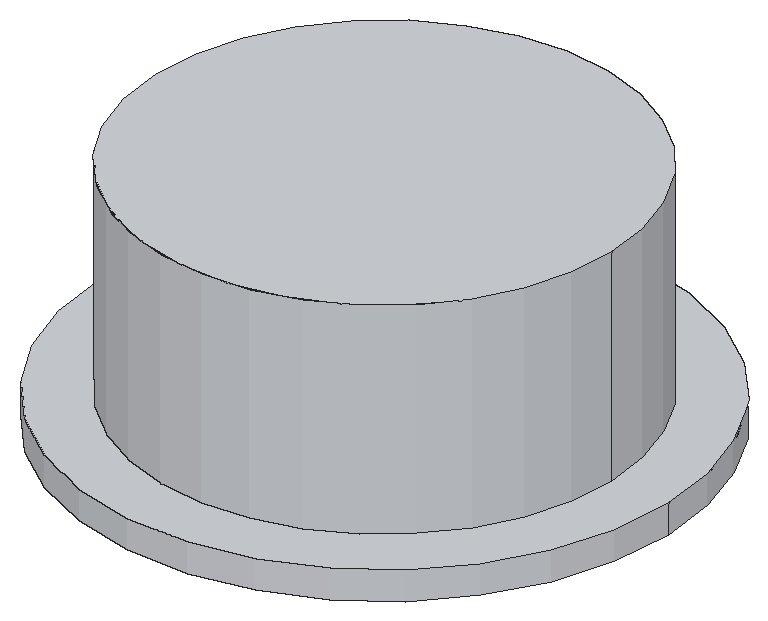
Revit family "auto-照明-LED筒灯", category Lighting Fixtures, Revit 2020
Family settings
  Round Connector Dimension = Use Diameter
  Part Type = Normal
  Work Plane-Based = No
  Always vertical = No
  Cut with Voids When Loaded = No
  Light Source = Yes
  Shared = No
  Room Calculation Point = No
Parameters (values of type "LED筒灯-1")
  Default Elevation = 0 mm
  Type Comments = ""
  Wattage Comments = ""
  Wattage = 9.2903 W
  built-in parameter 1150110 = 1 (stored number, unit not read)
  Lamp = ""
  Keynote = ""
  Model = ""
  Manufacturer = ""
  built-in parameter 1114217 = 1 (stored number, unit not read)
  Tilt Angle = 60.00°
  built-in parameter 1150109 = 1 (stored number, unit not read)
  built-in parameter 1150134 = 3
  built-in parameter 1150113 = 1 (stored number, unit not read)
  Photometric Web File = "generic"
  built-in parameter 1150142 = (empty or 0)
  magiProductId = ""
  magiProductFamilyId = ""
  magiPartTypeId = 504
  dY2D [instance] = 0 mm
  dX2D [instance] = 0 mm
  ang2D [instance] = 0.00°
  W2D = 100 mm
  VersionID = ""
  URL = "www.goujianwu.com"
  Productdata [instance] = ""
  built-in parameter 1150105 = 109.82 (stored number, unit not read)
  Lumens = 1380 lm
  built-in parameter 1150115 = 1 (stored number, unit not read)
  built-in parameter 1150137 = (empty or 0)
  built-in parameter 1150139 = (empty or 0)
  built-in parameter 1150112 = 1 (stored number, unit not read)
  built-in parameter 1150114 = 1 (stored number, unit not read)
  built-in parameter 1150132 = (empty or 0)
  built-in parameter 1150102 = (empty or 0)
  built-in parameter 1150107 = 3200 (stored number, unit not read)
  built-in parameter 1150138 = (empty or 0)
  built-in parameter 1150106 = 1.0982 (stored number, unit not read)
  L2D = 100 mm
  L0 = 80 mm
  L = 100 mm
  Emit from Line Length = 609.6 mm
  built-in parameter 1150104 = 13.8 (stored number, unit not read)
  Dimming Lamp Color Temperature Shift = <None>
  Description = "永久免费族库下载，找构件就上构件坞"
  Color Filter = 16777215
  built-in parameter 1114218 = 1 (stored number, unit not read)
  built-in parameter 1150133 = 10 (stored number, unit not read)
  Assembly Code = ""
  built-in parameter 1140004 = 1.05263 VA
  H2 = 36 mm
  H1__ve = -H1  # -5 mm
  H1 = 5 mm
  Apparent Load = 0 VA
Reference planes
  plane 1 "Center (Front/Back)": y = 0
  plane 2 "XYPLANE": z = 0
  plane 3 "Center (Left/Right)": x = 0
  plane 4 "14": z = 36
  plane 5 "13": z = 0
  plane 6 "12": y = 0
  plane 7 "11": x = 0
Forms (mm)
  Extrusion 1, solid, detail levels medium+fine
    sketch origin (-750, 0, 0) x (1, 0, 0) y (0, 1, 0)
      loop
        circle (750, 0) r 40
    from 0 to 36 <- "H2"
  Extrusion 2, solid, detail levels medium+fine
    sketch origin (-750, 0, 0) x (1, 0, 0) y (0, 1, 0)
      loop
        circle (750, 0) r 50
    from 0 to -5 <- "H1__ve"
  Extrusion 3, solid, not visible
    sketch origin (-750, 0, 36) x (1, 0, 0) y (0, 1, 0)
      loop
        circle (750, 0) r 10
    from 0 to -10
Lines and regions (mm)
  reference lines, not visible
    curve 1: circle (2, 2, 0) r 1 normal (0, 0, 1)
Dimensions and locks
  plane 1 "Center (Front/Back)" to curve 1 = 2 mm
  "H2": plane 5 "13" to plane 4 "14"
  locked: plane 2 "XYPLANE" to plane 5 "13"
  locked: plane 1 "Center (Front/Back)" to plane 6 "12"
  locked: plane 3 "Center (Left/Right)" to plane 7 "11"
  "L0": diameter of Extrusion 1 sketch curve
  "L": diameter of Extrusion 2 sketch curve
  aligned and locked: plane 6 "12" to Extrusion 1 sketch curve
  aligned and locked: plane 7 "11" to Extrusion 1 sketch curve
  aligned and locked: plane 6 "12" to Extrusion 2 sketch curve
  aligned and locked: plane 7 "11" to Extrusion 2 sketch curve
  aligned and locked: plane 6 "12" to Extrusion 3 sketch curve
  aligned and locked: plane 7 "11" to Extrusion 3 sketch curve
Automatic sketch dimensions
  plane 3 "Center (Left/Right)" to curve 1 = 2 mm
  plane 1 "Center (Front/Back)" to Extrusion 3 sketch curve = 10 mm
  radius of curve 1 = 1 mm
Nested families
  nested 1: "mcx0110bel_01_004" at (0, 0, 0), type "mcx0110bel_01_004"
Connectors
  electrical at (0, 0, 36)
    settings: on Extrusion 3, index 1, voltage 230 V, apparent load 1.05263 VA, apparent load phase1 0 VA, apparent load phase2 0 VA, apparent load phase3 0 VA, power factor 0.95, load classification "Lighting", number of poles 1, system type 30, power factor state 1, is connector primary yes, connector utility no, sub classification motor no, connector description ""
Definition of nested family "mcx0110bel_01_004"
  Parameters (values of type "mcx0110bel_01_004")
    dY2D = 0 mm
    dy+20000 = 1 * dY2D + 20000 mm  # 20000 mm
    dX2D = 0 mm
    dx+20000 = 1 * dX2D + 20000 mm  # 20000 mm
    ang2D = 0.00°
    W2D_ = L2D  # 20 mm
    W2D = 20 mm
    L2D = 20 mm
    Default Elevation = 0 mm
  Reference planes
    plane 1 "Center (Front/Back)": y = 0
    plane 2: z = 0
    plane 3 "Center (Left/Right)": x = 0
    plane 4: x = -20000
    plane 5: y = -20000
  Lines and regions (mm)
    reference lines, not visible
      curve 1: line (0, 0, 0) -> (1500, 0, 0)
  Dimensions and locks
    "dx+20000": plane 4 to curve 1
    "dy+20000": curve 1 to plane 5
    "ang2D": angle plane 1 "Center (Front/Back)" to curve 1
  Nested families
    nested 1: "mcx0110bel_01_004_0" at (0, 0, 0), type "mcx0110bel_01_004_0", detail levels coarse+medium
  Definition of nested family "mcx0110bel_01_004_0"
    Parameters
      W2D * cos(45°) = W2D * cos(45.00°)  # 14.142 mm
      W2D = 20 mm
      L2D * cos(45°) = L2D * cos(45.00°)  # 14.142 mm
      L2D/2 = L2D / 2  # 10 mm
      L2D = 20 mm
      Default Elevation = 0 mm
      Assembly Code = ""
    Reference planes
      plane 1 "Center (Front/Back)": y = 0
      plane 2: z = 0
      plane 3 "Center (Left/Right)": x = 0
      plane 4: x = -7.071
      plane 5: x = 7.071
      plane 6: y = 7.071
      plane 7: y = -7.071
    Lines and regions (mm)
      model lines
        curve 1: circle (0, 0, 0) r 10 normal (0, 0, 1)
        curve 2: line (-7.071, 7.071, 0) -> (7.071, -7.071, 0)
        curve 3: line (-7.071, -7.071, 0) -> (7.071, 7.071, 0)
    Dimensions and locks
      equal spacing: plane 7, plane 1 "Center (Front/Back)", plane 6
      "W2D * cos(45°)": plane 7 to plane 6
      equal spacing: plane 4, plane 3 "Center (Left/Right)", plane 5
      "L2D * cos(45°)": plane 4 to plane 5
      "L2D/2": radius of curve 1
      aligned and locked: plane 4 to curve 2
      aligned and locked: plane 6 to curve 2
      aligned and locked: plane 6 to curve 3
      aligned and locked: plane 5 to curve 3
      aligned and locked: plane 5 to curve 2
      aligned and locked: plane 7 to curve 3
